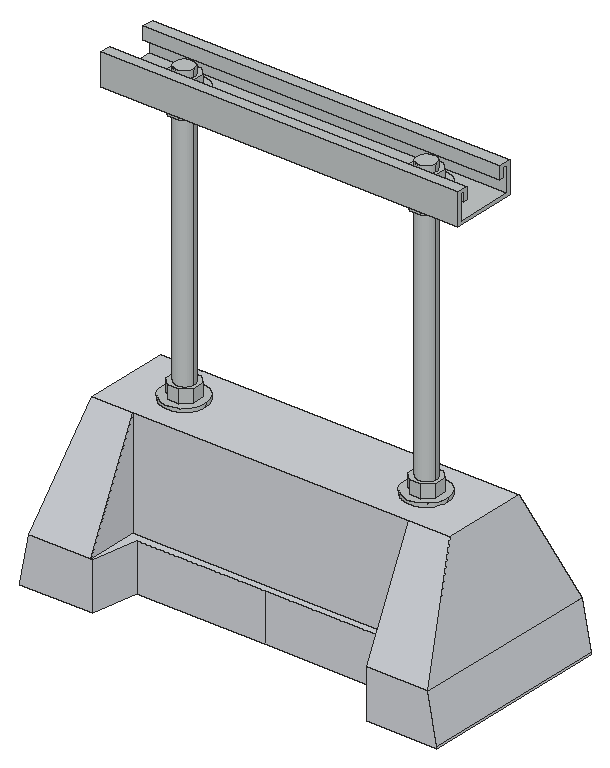
Revit family "pipe-support-770712", category Generic Models, Revit 2018
Family settings
  Can host rebar = No
  Round Connector Dimension = Use Diameter
  Part Type = Normal
  Work Plane-Based = No
  Always vertical = Yes
  Cut with Voids When Loaded = No
  Shared = No
  Room Calculation Point = No
Parameters (values of type "FNW770712 Pipe Support")
  Weight [instance] = ""
  URL = "http://www.fnw.com"
  URL_2 = ""
  TH1 = 0.078"  # constant formula
  Product ID [instance] = ""
  Part Number [instance] = "FNW770712"
  L1 = 10.875"  # constant formula
  Description BOM [instance] = "Single Pipe Support"
Reference planes (in)
  plane 1 "Center (Front/Back)": y = 0
  plane 2: z = 0
  plane 3 "Center (Left/Right)": x = 0
  plane 4: z = 4.875
  plane 5: z = 4.062
  plane 6: z = 1.25
  plane 7: x = -5.4375
  plane 8: x = 5.4375
  plane 9: x = -4.65625
  plane 10: x = 4.65625
  plane 11: x = 3.15625
  plane 12: x = -3.15625
  plane 13: z = 4.147
  plane 14: z = 4.481
  plane 15: z = 12
  plane 16: z = 10.76818
  plane 17: z = 11.10242
  plane 18: z = 11.22606
  plane 19: z = 11.68395
  plane 20: z = 11.3497
Forms (in)
  Extrusion 1, solid, material "Steel, Galvanized"
    sketch origin (0, 0, 0) x (1, 0, 0) y (0, 1, 0)
      loop
        circle (-3.15625, 0) r 0.25
      loop
        circle (3.15625, 0) r 0.25
    from 1.25 to 11.84592
  Extrusion 2, solid, material "Steel, Galvanized"
    sketch origin (0, 0, 13.53635) x (0, -1, 0) y (1, 0, 0)
      loop
        line (-0.35455, -3.00939) -> (-0.35455, -3.30311) -> (-0.14686, -3.5108) -> (0.14686, -3.5108) -> (0.35455, -3.30311) -> (0.35455, -3.00939) -> (0.14686, -2.8017) -> (-0.14686, -2.8017) -> (-0.35455, -3.00939)
      loop
        line (-0.35455, 3.00939) -> (-0.14686, 2.8017) -> (0.14686, 2.8017) -> (0.35455, 3.00939) -> (0.35455, 3.30311) -> (0.14686, 3.5108) -> (-0.14686, 3.5108) -> (-0.35455, 3.30311) -> (-0.35455, 3.00939)
    from -9.38935 to -9.05535
  Extrusion 3, solid, material "Steel, Galvanized"
    sketch origin (0, 0, 0) x (1, 0, 0) y (0, 1, 0)
      loop
        circle (-3.15625, 0) r 0.57213
      loop
        circle (3.15625, 0) r 0.57213
    from 4.062 to 4.147
  Extrusion 4, solid, material "Steel, Galvanized"
    sketch origin (0, 0, 7.125) x (0, 1, 0) y (0, 0, 1)
      loop
        line (0.84, 4.875) -> (0.52968, 4.875) -> (0.52968, 4.558) -> (0.60768, 4.558) -> (0.60768, 4.797) -> (0.762, 4.797) -> (0.762, 4.14) -> (-0.762, 4.14) -> (-0.762, 4.797) -> (-0.6394, 4.797) -> (-0.6394, 4.558) -> (-0.5614, 4.558) -> (-0.5614, 4.875) -> (-0.84, 4.875) -> (-0.84, 4.062) -> (0.84, 4.062) -> (0.84, 4.875)
    from -4.65625 to 4.65625
  Extrusion 5, solid, material "Steel, Galvanized"
    sketch origin (0, 0, 4) x (1, 0, 0) y (0, 1, 0)
      loop
        line (-3.00939, 0.35455) -> (-3.30311, 0.35455) -> (-3.5108, 0.14686) -> (-3.5108, -0.14686) -> (-3.30311, -0.35455) -> (-3.00939, -0.35455) -> (-2.8017, -0.14686) -> (-2.8017, 0.14686) -> (-3.00939, 0.35455)
      loop
        line (3.00939, 0.35455) -> (2.8017, 0.14686) -> (2.8017, -0.14686) -> (3.00939, -0.35455) -> (3.30311, -0.35455) -> (3.5108, -0.14686) -> (3.5108, 0.14686) -> (3.30311, 0.35455) -> (3.00939, 0.35455)
    from 7.3497 to 7.683
  Extrusion 6, solid, material "Steel, Galvanized"
    sketch origin (0, 0, 4) x (1, 0, 0) y (0, 1, 0)
      loop
        line (-3.00939, 0.35455) -> (-3.30311, 0.35455) -> (-3.5108, 0.14686) -> (-3.5108, -0.14686) -> (-3.30311, -0.35455) -> (-3.00939, -0.35455) -> (-2.8017, -0.14686) -> (-2.8017, 0.14686) -> (-3.00939, 0.35455)
      loop
        line (3.00939, 0.35455) -> (2.8017, 0.14686) -> (2.8017, -0.14686) -> (3.00939, -0.35455) -> (3.30311, -0.35455) -> (3.5108, -0.14686) -> (3.5108, 0.14686) -> (3.30311, 0.35455) -> (3.00939, 0.35455)
    from 6.76818 to 7.10242
  Extrusion 7, solid, material "Steel, Galvanized"
    sketch origin (0, 0, 4) x (1, 0, 0) y (0, 1, 0)
      loop
        circle (-3.15625, 0) r 0.57213
      loop
        circle (3.15625, 0) r 0.57213
    from 7.10242 to 7.187
  Extrusion 8, solid, material "Steel, Galvanized"
    sketch origin (0, 0, 4) x (1, 0, 0) y (0, 1, 0)
      loop
        circle (-3.15625, 0) r 0.57213
      loop
        circle (3.15625, 0) r 0.57213
    from 7.265 to 7.3497
Dimensions and locks (in)
  plane 4 to plane 2 = 4.875"
  plane 4 to plane 5 = 0.813"
  equal spacing: plane 7, plane 3 "Center (Left/Right)", plane 8
  "L1": plane 7 to plane 8
  plane 2 to plane 15 = 12.000"
  "TH1": Extrusion 4 sketch curve to Extrusion 4 sketch curve  (x2)
  aligned and locked: plane 2 to level
Automatic sketch dimensions
  plane 1 "Center (Front/Back)" to Extrusion 1 sketch curve = 0.000"  (x2)
  Extrusion 1 sketch curve to plane 12 = 0.000"
  Extrusion 1 sketch curve to plane 11 = 0.000"
  Extrusion 2 sketch curve to plane 12 = 0.14686"  (x2)
  Extrusion 2 sketch curve to plane 1 "Center (Front/Back)" = 0.35455"  (x2)
  plane 11 to Extrusion 2 sketch curve = 0.14686"  (x2)
  Extrusion 2 sketch curve to plane 1 "Center (Front/Back)" = 0.14686"  (x4)
  plane 1 "Center (Front/Back)" to Extrusion 2 sketch curve = 0.14686"  (x4)
  Extrusion 2 sketch curve to plane 11 = 0.14686"  (x2)
  Extrusion 2 sketch curve to Extrusion 2 sketch curve = 0.20769"  (x6)
  plane 12 to Extrusion 2 sketch curve = 0.14686"  (x2)
  plane 1 "Center (Front/Back)" to Extrusion 3 sketch curve = 0.000"  (x2)
  Extrusion 3 sketch curve to plane 12 = 0.000"
  Extrusion 3 sketch curve to plane 11 = 0.000"
  Extrusion 4 sketch curve to plane 15 = 0.000"
  plane 15 to Extrusion 4 sketch curve = 0.000"
  plane 1 "Center (Front/Back)" to Extrusion 4 sketch curve = 0.840"
  Extrusion 4 sketch curve to plane 18 = 0.03894"
  Extrusion 4 sketch curve to Extrusion 4 sketch curve = 0.078"  (x2)
  Extrusion 4 sketch curve to Extrusion 4 sketch curve = 0.1226"
  plane 19 to Extrusion 4 sketch curve = 0.00095"  (x2)
  Extrusion 4 sketch curve to plane 1 "Center (Front/Back)" = 0.52968"
  Extrusion 4 sketch curve to Extrusion 4 sketch curve = 0.15432"
  plane 18 to Extrusion 4 sketch curve = 0.03906"
  plane 15 to Extrusion 4 sketch curve = 0.078"  (x2)
  plane 1 "Center (Front/Back)" to Extrusion 5 sketch curve = 0.14686"  (x4)
  plane 12 to Extrusion 5 sketch curve = 0.35455"
  plane 12 to Extrusion 5 sketch curve = 0.14686"  (x2)
  Extrusion 5 sketch curve to plane 12 = 0.14686"  (x2)
  Extrusion 5 sketch curve to plane 1 "Center (Front/Back)" = 0.14686"  (x4)
  Extrusion 5 sketch curve to Extrusion 5 sketch curve = 0.20769"  (x6)
  Extrusion 5 sketch curve to plane 11 = 0.35455"
  Extrusion 5 sketch curve to plane 11 = 0.14686"  (x2)
  plane 11 to Extrusion 5 sketch curve = 0.14686"  (x2)
  plane 1 "Center (Front/Back)" to Extrusion 6 sketch curve = 0.14686"  (x4)
  plane 12 to Extrusion 6 sketch curve = 0.35455"
  plane 12 to Extrusion 6 sketch curve = 0.14686"  (x2)
  Extrusion 6 sketch curve to plane 12 = 0.14686"  (x2)
  Extrusion 6 sketch curve to plane 1 "Center (Front/Back)" = 0.14686"  (x4)
  Extrusion 6 sketch curve to Extrusion 6 sketch curve = 0.20769"  (x6)
  Extrusion 6 sketch curve to plane 11 = 0.35455"
  Extrusion 6 sketch curve to plane 11 = 0.14686"  (x2)
  plane 11 to Extrusion 6 sketch curve = 0.14686"  (x2)
  plane 1 "Center (Front/Back)" to Extrusion 7 sketch curve = 0.000"  (x2)
  Extrusion 7 sketch curve to plane 12 = 0.000"
  Extrusion 7 sketch curve to plane 11 = 0.000"
  plane 1 "Center (Front/Back)" to Extrusion 8 sketch curve = 0.000"  (x2)
  Extrusion 8 sketch curve to plane 12 = 0.000"
  Extrusion 8 sketch curve to plane 11 = 0.000"
  radius of Extrusion 1 sketch curve = 0.250"  (x2)
  radius of Extrusion 3 sketch curve = 0.57213"  (x2)
  radius of Extrusion 7 sketch curve = 0.57213"  (x2)
  radius of Extrusion 8 sketch curve = 0.57213"  (x2)
Nested families (in)
  nested 1: "Nested-pipe-support-7706 Base" at (0, 0, 0) x (-1, 0, 0) z (0, 0, 1), type "FNW7706SB Pipe Support"
    with Weight "", Product ID "", Part Number "", Description BOM ""
Definition of nested family "Nested-pipe-support-7706 Base"
  Parameters (values of type "FNW7706SB Pipe Support")
    Weight [instance] = ""
    URL = "http://www.fnw.com"
    URL_2 = ""
    TH1 = 0.078"  # constant formula
    Product ID [instance] = ""
    Part Number [instance] = "FNW7706SB"
    L9 = 5.188" + (1.012" * 2)  # 7.212"
    L8 = 2.250"  # constant formula
    L6 = 0.000"  # constant formula
    L5 = 0.317"  # constant formula
    L4 = 0.813"  # constant formula
    L3 = 4.875"  # constant formula
    L2 = 5.000"  # constant formula
    L11 = 9.3125"
    L10 = 2.886"  # constant formula
    L1 = 10.875"  # constant formula
    Description BOM [instance] = "Single Pipe Support Base Only"
  Reference planes (in)
    plane 1 "Center (Front/Back)": y = 0
    plane 2: z = 0
    plane 3 "Center (Left/Right)": x = 0
    plane 4: x = -5.4375
    plane 5: x = 5.4375
    plane 6: y = 2.5
    plane 7: y = -2.5
    plane 8: z = 4.875
    plane 9 "top": z = 4.062
    plane 10: y = 0.84
    plane 11: y = -0.84
    plane 12: y = 1.125
    plane 13: y = -1.125
    plane 14: x = -1.443
    plane 15: x = -3.606
    plane 16: x = 3.606
    plane 17: x = 1.443
    plane 18: z = 1.25
    plane 19: x = -1.5
    plane 20: x = 1.5
    plane 21: x = -3.6055
    plane 22: x = 3.6055
    plane 23: x = -4.65625
    plane 24: x = 4.65625
  Forms (in)
    Extrusion 1, solid
      sketch origin (0, 0, 0) x (0, 1, 0) y (0, 0, 1)
        loop
          line (1.125, 4.062) -> (-1.125, 4.062) -> (-2.5, 1.25) -> (2.5, 1.25) -> (1.125, 4.062)
      from 3.606 to 5.4375
    Extrusion 2, solid
      sketch origin (0, 0, 0) x (0, 1, 0) y (0, 0, -1)
        loop
          line (1.125, -4.062) -> (2.5, -1.25) -> (-2.5, -1.25) -> (-1.125, -4.062) -> (1.125, -4.062)
      from 3.606 to 5.4375
    Extrusion 3, solid
      sketch origin (0, 0, 0) x (0, 1, 0) y (0, 0, 1)
        loop
          line (1.125, 4.062) -> (-1.125, 4.062) -> (-1.125, 1.25) -> (1.125, 1.25) -> (1.125, 4.062)
      from -3.606 to 3.606
    Extrusion 4, solid
      sketch origin (0, 0, 0) x (1, 0, 0) y (0, 1, 0)
        loop
          line (-5.4375, 2.5) -> (-5.4375, -2.5) -> (-3.606, -2.5) -> (-3.39661, -1.3125) -> (0, -1.3125) -> (3.33911, -1.3125) -> (3.5485, -2.5) -> (5.4375, -2.5) -> (5.4375, 2.5) -> (3.5485, 2.5) -> (3.33911, 1.3125) -> (0, 1.3125) -> (-3.39661, 1.3125) -> (-3.606, 2.5) -> (-5.4375, 2.5)
      from 0 to 1.25
    Extrusion 5, void
      sketch origin (0, 0, 0) x (1, 0, 0) y (0, 0, 1)
        loop
          line (-5.81029, -1.875) -> (-4.65625, 4.062) -> (-9.27699, 4.062) -> (-9.27699, -1.875) -> (-5.81029, -1.875)
        loop
          line (4.65625, 4.062) -> (5.81029, -1.875) -> (9.27699, -1.875) -> (9.27699, 4.062) -> (4.65625, 4.062)
      from -2.5 to 2.5
  Cuts and joins
    Extrusion 5 cuts Extrusion 1
    Extrusion 5 cuts Extrusion 2
    joined: Extrusion 1, Extrusion 2, Extrusion 3
    Extrusion 5 cuts Extrusion 4
  Dimensions and locks (in)
    equal spacing: plane 4, plane 3 "Center (Left/Right)", plane 5
    "L1": plane 4 to plane 5
    equal spacing: plane 6, plane 1 "Center (Front/Back)", plane 7
    "L2": plane 6 to plane 7
    "L3": plane 8 to plane 2
    "L4": plane 8 to plane 9 "top"
    plane 10 to plane 11 = 1.680"
    equal spacing: plane 12, plane 1 "Center (Front/Back)", plane 13
    "L8": plane 12 to plane 13
    equal spacing: plane 15, plane 3 "Center (Left/Right)", plane 16
    "L9": plane 15 to plane 16
    equal spacing: plane 14, plane 3 "Center (Left/Right)", plane 17
    "L10": plane 14 to plane 17
    plane 19 to plane 20 = 3.000"
    equal spacing: plane 23, plane 3 "Center (Left/Right)", plane 24
    "L11": plane 23 to plane 24
    aligned and locked: plane 2 to level
  Automatic sketch dimensions
    Extrusion 2 sketch curve to plane 7 = 0.000"
    Extrusion 2 sketch curve to plane 9 "top" = 0.000"
    Extrusion 2 sketch curve to plane 13 = 0.000"
    Extrusion 2 sketch curve to plane 12 = 0.000"
    Extrusion 2 sketch curve to plane 6 = 0.000"
    level to Extrusion 2 sketch curve = 1.250"
    Extrusion 1 sketch curve to plane 7 = 0.000"
    Extrusion 1 sketch curve to plane 9 "top" = 0.000"
    Extrusion 1 sketch curve to plane 13 = 0.000"
    Extrusion 1 sketch curve to plane 12 = 0.000"
    Extrusion 1 sketch curve to plane 6 = 0.000"
    level to Extrusion 1 sketch curve = 1.250"
    Extrusion 3 sketch curve to plane 9 "top" = 0.000"
    Extrusion 3 sketch curve to plane 13 = 0.000"
    Extrusion 3 sketch curve to plane 12 = 0.000"
    level to Extrusion 3 sketch curve = 1.250"
    Extrusion 4 sketch curve to plane 4 = 0.000"
    Extrusion 4 sketch curve to plane 6 = 0.000"  (x2)
    plane 14 to Extrusion 4 sketch curve = 2.163"  (x2)
    Extrusion 4 sketch curve to plane 7 = 0.000"  (x2)
    Extrusion 4 sketch curve to plane 3 "Center (Left/Right)" = 0.000"  (x2)
    plane 13 to Extrusion 4 sketch curve = 0.1875"
    plane 17 to Extrusion 4 sketch curve = 2.1055"  (x2)
    Extrusion 4 sketch curve to plane 5 = 0.000"
    plane 14 to Extrusion 4 sketch curve = 1.95361"  (x2)
    plane 17 to Extrusion 4 sketch curve = 1.89611"  (x2)
    plane 12 to Extrusion 4 sketch curve = 0.1875"
    Extrusion 5 sketch curve to plane 9 "top" = 0.000"  (x2)
    plane 23 to Extrusion 5 sketch curve = 0.000"
    plane 24 to Extrusion 5 sketch curve = 0.000"
    plane 4 to Extrusion 5 sketch curve = 0.37279"
    Extrusion 5 sketch curve to Extrusion 5 sketch curve = 3.46671"  (x2)
    Extrusion 5 sketch curve to plane 5 = 0.37279"
    Extrusion 5 sketch curve to level = 1.875"  (x2)
